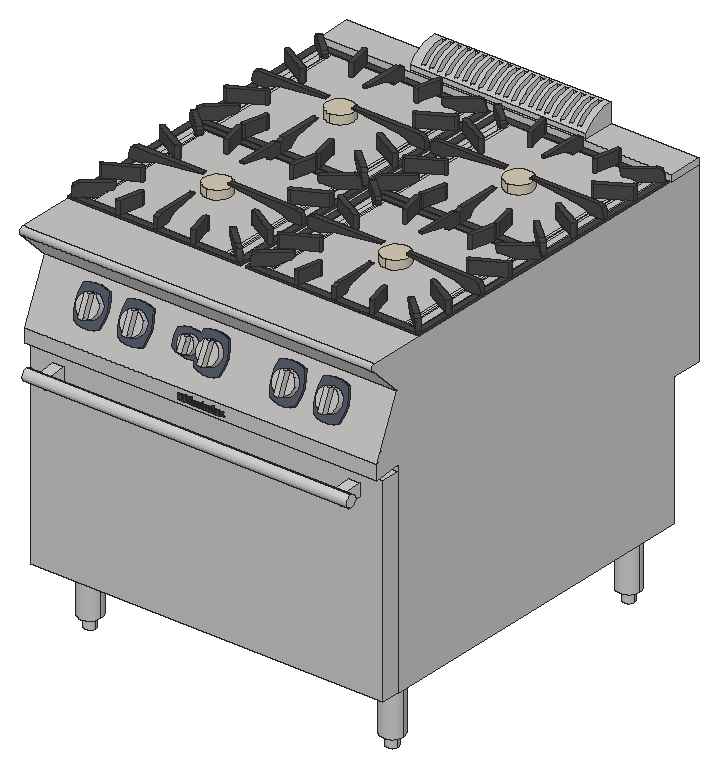
Revit family "QF_ELECTROLUXPROFESSIONAL_391522_E9AALABBMEE", category Attrezzature speciali, Revit 2018
Family settings
  Quota connettore circolare = Usa diametro
  Tipo di parte = Normale
  Basato su piano di lavoro = No
  Sempre verticale = Sì
  Taglio con vuoti quando caricato = No
  Condiviso = No
  Punto di calcolo locali = No
Parameters (values of type "Standard")
  Weight = 155.00 kg
  Watts = 0 W
  Volts = 0 V
  URL Manufacturer = "https://www.electroluxprofessional.com/"
  URL = "https://www.electroluxprofessional.com/"
  Steam Supply Size = 0"
  Steam Supply Minimum Pressure = 0.00 psi
  Steam Supply Maximum Pressure = 0.00 psi
  Steam Consumption per Hour = 0
  Show Logo [instance] = yes
  Show Clearance [instance] = yes
  Refrigeration Suction Line Size = 0 mm
  Refrigeration Liquid Line Size = 0 mm
  Refrigerant Compressor Remote = yes
  Phase = 0
  Modello = "E9AALABBMEE"
  Produttore = "Electrolux Professional"
  Length Actual = 800 mm  # constant formula
  Item Number = "391522"
  Hot Water Size = 0"
  Height Actual = 850 mm  # constant formula
  HP = "0 HP"
  Gas Size = 1/2"
  Gas KW = 48.5
  Gas Input Pressure = 1.6262 Btu/h
  Direct Waste Size = 0"
  Descrizione = "4-BURNER (10KW) GAS RANGE+OVEN 800MM - 3MM WORKTOP"
  Depth Actual = 930 mm  # constant formula
  Cycle = 0 Hz
  Condensate Return Size = 0"
  Compressed Air Volume = 0 GPM
  Compressed Air Size = 0"
  Compressed Air Pressure = 0.00 psi
  Cold Water Size = 0"
  Accessory = yes
Values of the unnamed type that differ from the named types
  Weight = 0.00 kg
  URL Manufacturer = ""
  Item Number = ""
  HP = ""
  Gas KW = 0
  Gas Input Pressure = 0.0 Btu/h
Reference planes
  plane 1 "BACK": y = 0
  plane 2: z = 0
  plane 3 "LEFT": x = 0
  plane 4 "RIGHT": x = 800.1
  plane 5 "FRONT": y = -930.275
  plane 6 "TOP": z = 908
  plane 7 "Center Y": x = 400.05
  plane 8 "Center X": y = -465.137
  plane 9: z = 149.225
  plane 10: z = 1397
  plane 11: y = -80.962
  plane 12: y = -914.4
  plane 13: z = 850
  plane 14: x = 56
  plane 15: y = -128
  plane 16: y = -801.687
  plane 17: y = -665.163
  plane 18: x = 744.1
Forms (mm)
  Extrusion 1, solid, material "QF_Finishes_Stainless Steel"
    sketch origin (0, 0, 0) x (0, 1, 0) y (0, 0, 1)
      loop
        line (0, 449.262) -> (0, 850) -> (-922.302, 850)
        arc (-922.302, 850) -> (-930.275, 844.673) -> (-928.404, 835.268) r 8.63
        line (-928.404, 835.268) -> (-859.069, 765.933) -> (-916.765, 640.576) -> (-916.765, 609.279) -> (-856.641, 613.975)
        arc (-856.641, 613.975) -> (-854.117, 613.227) -> (-853.025, 610.831) r 3.175
        line (-853.025, 610.831) -> (-853.025, 149.225) -> (-71.438, 149.225) -> (-71.437, 449.263) -> (0, 449.262)
    from 0 to 800.1
  Revolve 2, solid, material "QF_Finishes_Stainless Steel"
    sketch origin (0, -801.687, 611.731) x (0, 0, -1) y (1, 0, 0)
      loop
        line (462.506, 56) -> (462.506, 30.6) -> (586.331, 30.6) -> (586.331, 43.3) -> (611.731, 43.3) -> (611.731, 56) -> (462.506, 56)
      axis (611.731, 56) -> (462.506, 56)
    angle from 0 to 360
  Revolve 3, solid, material "QF_Finishes_Stainless Steel"
    sketch origin (799.662, -801.687, 611.731) x (0, 0, -1) y (1, 0, 0)
      loop
        line (462.506, -55.562) -> (611.731, -55.562) -> (611.731, -42.862) -> (586.331, -42.862) -> (586.331, -30.162) -> (462.506, -30.162) -> (462.506, -55.562)
      axis (611.731, -55.562) -> (462.506, -55.562)
    angle from 0 to 360
  Revolve 4, solid, material "QF_Finishes_Stainless Steel"
    sketch origin (799.662, -128.588, 611.731) x (0, 0, -1) y (1, 0, 0)
      loop
        line (462.506, -55.562) -> (611.731, -55.562) -> (611.731, -42.862) -> (586.331, -42.862) -> (586.331, -30.162) -> (462.506, -30.162) -> (462.506, -55.562)
      axis (611.731, -55.562) -> (462.506, -55.562)
    angle from 0 to 360
  Revolve 5, solid, material "QF_Finishes_Stainless Steel"
    sketch origin (111.125, -128.588, 611.731) x (0, 0, -1) y (1, 0, 0)
      loop
        line (462.506, -55.125) -> (611.731, -55.125) -> (611.731, -42.425) -> (586.331, -42.425) -> (586.331, -29.725) -> (462.506, -29.725) -> (462.506, -55.125)
      axis (611.731, -55.125) -> (462.506, -55.125)
    angle from 0 to 360
  Extrusion 6, solid, material "QF_Finishes_Stainless Steel"
    sketch origin (0, 0, 0) x (0, 1, 0) y (0, 0, 1)
      loop
        line (0, 850) -> (0, 864.288) -> (-76.2, 864.288) -> (-76.2, 850) -> (0, 850)
    from 0 to 800.1
  Extrusion 7, void
    sketch origin (-65.011, 0, 865.138) x (-1, 0, 0) y (0, -1, 0)
      loop
        line (-295.005, 6.761) -> (-285.709, 6.761) -> (-285.709, 63.911) -> (-295.005, 63.911) -> (-295.005, 6.761)
      loop
        line (-313.697, 6.761) -> (-304.401, 6.761) -> (-304.401, 63.911) -> (-313.697, 63.911) -> (-313.697, 6.761)
      loop
        line (-332.39, 6.761) -> (-323.094, 6.761) -> (-323.094, 63.911) -> (-332.39, 63.911) -> (-332.39, 6.761)
      loop
        line (-351.082, 6.761) -> (-341.787, 6.761) -> (-341.787, 63.911) -> (-351.082, 63.911) -> (-351.082, 6.761)
      loop
        line (-369.775, 6.761) -> (-360.479, 6.761) -> (-360.479, 63.911) -> (-369.775, 63.911) -> (-369.775, 6.761)
      loop
        line (-388.468, 6.761) -> (-379.172, 6.761) -> (-379.172, 63.911) -> (-388.468, 63.911) -> (-388.468, 6.761)
      loop
        line (-407.16, 6.761) -> (-397.864, 6.761) -> (-397.864, 63.911) -> (-407.16, 63.911) -> (-407.16, 6.761)
      loop
        line (-425.853, 6.761) -> (-416.557, 6.761) -> (-416.557, 63.911) -> (-425.853, 63.911) -> (-425.853, 6.761)
      loop
        line (-444.545, 6.761) -> (-435.25, 6.761) -> (-435.25, 63.911) -> (-444.545, 63.911) -> (-444.545, 6.761)
      loop
        line (-463.238, 6.761) -> (-453.942, 6.761) -> (-453.942, 63.911) -> (-463.238, 63.911) -> (-463.238, 6.761)
      loop
        line (-481.931, 6.761) -> (-472.635, 6.761) -> (-472.635, 63.911) -> (-481.931, 63.911) -> (-481.931, 6.761)
      loop
        line (-500.623, 6.761) -> (-491.328, 6.761) -> (-491.328, 63.911) -> (-500.623, 63.911) -> (-500.623, 6.761)
      loop
        line (-519.316, 6.761) -> (-510.02, 6.761) -> (-510.02, 63.911) -> (-519.316, 63.911) -> (-519.316, 6.761)
      loop
        line (-538.008, 6.761) -> (-528.713, 6.761) -> (-528.713, 63.911) -> (-538.008, 63.911) -> (-538.008, 6.761)
      loop
        line (-556.701, 6.761) -> (-547.405, 6.761) -> (-547.405, 63.911) -> (-556.701, 63.911) -> (-556.701, 6.761)
      loop
        line (-575.394, 6.761) -> (-566.098, 6.761) -> (-566.098, 63.911) -> (-575.394, 63.911) -> (-575.394, 6.761)
      loop
        line (-594.086, 6.761) -> (-584.791, 6.761) -> (-584.791, 63.911) -> (-594.086, 63.911) -> (-594.086, 6.761)
      loop
        line (-612.779, 6.761) -> (-603.483, 6.761) -> (-603.483, 63.911) -> (-612.779, 63.911) -> (-612.779, 6.761)
      loop
        line (-631.472, 6.761) -> (-622.176, 6.761) -> (-622.176, 63.911) -> (-631.472, 63.911) -> (-631.472, 6.761)
      loop
        line (-650.164, 6.761) -> (-640.868, 6.761) -> (-640.868, 63.911) -> (-650.164, 63.911) -> (-650.164, 6.761)
    from 9.525 to 45.348
  Extrusion 8, solid, material "QF_Finishes_Stainless Steel"
    sketch origin (400.05, 175.397, 1219.2) x (0, 1, 0) y (0, 0, 1)
      loop
        line (-175.397, -354.912) -> (-175.397, -311.2)
        arc (-175.397, -311.2) -> (-214.469, -319.821) -> (-245.247, -345.387) r 84.854
        line (-245.247, -345.387) -> (-245.247, -354.912) -> (-175.397, -354.912)
    from -200.05 to 199.95
  Extrusion 9, solid, material "QF_Finishes_Navy Blue"
    sketch origin (0, -890.928, 697.612) x (0, -0.418102, -0.9084) y (1, 0, 0)
      loop
        arc (-53.776, 198.651) -> (-18.194, 191.027) -> (17.514, 198.034) r 90.5
        arc (17.514, 198.034) -> (24.34, 227.222) -> (17.514, 256.409) r 65.817
        arc (17.514, 256.409) -> (-18.193, 263.369) -> (-53.776, 255.797) r 91.066
        arc (-53.776, 255.797) -> (-60.332, 227.224) -> (-53.776, 198.651) r 65.546
      loop
        arc (-53.776, 98.651) -> (-18.194, 91.027) -> (17.514, 98.034) r 90.5
        arc (17.514, 98.034) -> (24.34, 127.222) -> (17.514, 156.409) r 65.817
        arc (17.514, 156.409) -> (-18.193, 163.369) -> (-53.776, 155.797) r 91.066
        arc (-53.776, 155.797) -> (-60.332, 127.224) -> (-53.776, 98.651) r 65.546
      loop
        arc (-53.776, 601.786) -> (-60.332, 573.214) -> (-53.776, 544.641) r 65.546
        arc (-53.776, 544.641) -> (-18.193, 537.068) -> (17.514, 544.028) r 91.066
        arc (17.514, 544.028) -> (24.34, 573.216) -> (17.514, 602.404) r 65.817
        arc (17.514, 602.404) -> (-18.194, 609.411) -> (-53.776, 601.786) r 90.5
      loop
        arc (-53.776, 701.786) -> (-60.332, 673.214) -> (-53.776, 644.641) r 65.546
        arc (-53.776, 644.641) -> (-18.193, 637.068) -> (17.514, 644.028) r 91.066
        arc (17.514, 644.028) -> (24.34, 673.216) -> (17.514, 702.404) r 65.817
        arc (17.514, 702.404) -> (-18.194, 709.411) -> (-53.776, 701.786) r 90.5
      loop
        arc (-40.159, 316.707) -> (-21.848, 313.911) -> (-3.351, 314.901) r 90.5
        arc (-3.351, 314.901) -> (6.915, 339.94) -> (6.238, 366.994) r 65.817
        arc (6.238, 366.994) -> (11.94, 368.741) -> (17.514, 370.86) r 90.5
        arc (17.514, 370.86) -> (24.34, 400.048) -> (17.514, 429.235) r 65.817
        arc (17.514, 429.235) -> (-18.193, 436.195) -> (-53.776, 428.623) r 91.066
        arc (-53.776, 428.623) -> (-60.332, 400.05) -> (-53.776, 371.477) r 65.546
        arc (-53.776, 371.477) -> (-49.379, 369.684) -> (-44.894, 368.124) r 90.5
        arc (-44.894, 368.124) -> (-47.802, 341.929) -> (-40.159, 316.707) r 65.546
    from 0 to 3.175
  Extrusion 10, solid, material "QF_Finishes_Stainless Steel"
    sketch origin (0, -893.812, 698.94) x (0, -0.418102, -0.9084) y (1, 0, 0)
      loop
        circle (-18.131, 227.457) r 25.4
      loop
        circle (-18.131, 127.457) r 25.4
      loop
        circle (-18.131, 572.543) r 25.4
      loop
        circle (-18.131, 672.543) r 25.4
      loop
        circle (-18.131, 349.957) r 19.05
      loop
        circle (-18.131, 400.05) r 25.4
    from 0 to 12.7
  Extrusion 11, solid, material "QF_Finishes_Stainless Steel"
    sketch origin (0, -905.349, 704.25) x (0, -0.418102, -0.9084) y (1, 0, 0)
      loop
        arc (-42.863, 233.243) -> (-43.531, 227.457) -> (-42.863, 221.671) r 25.4
        line (-42.863, 221.671) -> (6.601, 221.671)
        arc (6.601, 221.671) -> (7.269, 227.457) -> (6.601, 233.243) r 25.4
        line (6.601, 233.243) -> (-42.863, 233.243)
      loop
        arc (-42.863, 133.243) -> (-43.531, 127.457) -> (-42.863, 121.671) r 25.4
        line (-42.863, 121.671) -> (6.601, 121.671)
        arc (6.601, 121.671) -> (7.269, 127.457) -> (6.601, 133.243) r 25.4
        line (6.601, 133.243) -> (-42.863, 133.243)
      loop
        arc (-34.426, 356.459) -> (-35.24, 350.69) -> (-34.719, 344.887) r 25.4
        line (-34.719, 344.887) -> (-2.956, 344.887)
        arc (-2.956, 344.887) -> (-2.067, 350.647) -> (-2.515, 356.459) r 25.4
        line (-2.515, 356.459) -> (-34.426, 356.459)
      loop
        arc (-42.863, 579.675) -> (-43.531, 573.889) -> (-42.863, 568.102) r 25.4
        line (-42.863, 568.102) -> (6.601, 568.102)
        arc (6.601, 568.102) -> (7.269, 573.889) -> (6.601, 579.675) r 25.4
        line (6.601, 579.675) -> (-42.863, 579.675)
      loop
        arc (-42.863, 679.675) -> (-43.531, 673.889) -> (-42.863, 668.102) r 25.4
        line (-42.863, 668.102) -> (6.601, 668.102)
        arc (6.601, 668.102) -> (7.269, 673.889) -> (6.601, 679.675) r 25.4
        line (6.601, 679.675) -> (-42.863, 679.675)
      loop
        arc (-42.863, 405.836) -> (-43.531, 400.05) -> (-42.863, 394.264) r 25.4
        line (-42.863, 394.264) -> (6.601, 394.264)
        arc (6.601, 394.264) -> (7.269, 400.05) -> (6.601, 405.836) r 25.4
        line (6.601, 405.836) -> (-42.863, 405.836)
    from 0 to 12.7
  Extrusion 12, solid, material "QF_Finishes_Navy Blue", visible <- "Show Logo"
    sketch origin (0, -916.765, 609.279) x (0, 0, 1) y (-1, 0, 0)
      loop
        line (21.268, -357.807) -> (8.901, -357.807)
        arc (8.901, -357.807) -> (15.085, -362.379) -> (21.268, -357.807) r 6.467
      loop
        arc (21.268, -357.178) -> (20.099, -352.035) -> (15.443, -349.557) r 6.338
        line (15.443, -349.557) -> (15.443, -351.603)
        arc (15.443, -351.603) -> (16.927, -355.258) -> (20.372, -357.178) r 5.941
        line (20.372, -357.178) -> (21.268, -357.178)
      loop
        arc (9.797, -357.178) -> (13.242, -355.258) -> (14.726, -351.603) r 5.941
        line (14.726, -351.603) -> (14.726, -349.557)
        arc (14.726, -349.557) -> (10.032, -352.031) -> (8.742, -357.178) r 6.504
        line (8.742, -357.178) -> (9.797, -357.178)
      loop
        line (21.943, -349.088) -> (8.198, -349.088) -> (8.198, -362.851) -> (21.943, -362.851) -> (21.943, -349.088)
      loop
        arc (22.026, -365.819) -> (21.679, -365.461) -> (21.312, -365.799) r 0.358
        arc (21.312, -365.799) -> (20.997, -366.549) -> (20.281, -366.934) r 1.216
        line (20.281, -366.934) -> (9.868, -366.934)
        arc (9.868, -366.934) -> (9.208, -366.657) -> (8.812, -366.06) r 1.238
        arc (8.812, -366.06) -> (8.417, -365.809) -> (8.112, -366.163) r 0.358
        line (8.112, -366.163) -> (8.112, -376.042) -> (10.863, -376.042) -> (10.863, -375.145)
        arc (10.863, -375.145) -> (9.954, -374.565) -> (9.498, -373.588) r 1.928
        line (9.498, -373.588) -> (9.498, -371.089)
        arc (9.498, -371.089) -> (9.774, -370.36) -> (10.462, -369.996) r 1.101
        line (10.462, -369.996) -> (14.549, -369.996) -> (14.549, -373.67)
        arc (14.549, -373.67) -> (14.196, -374.167) -> (13.631, -374.395) r 1.083
        arc (13.631, -374.395) -> (13.367, -374.7) -> (13.659, -374.978) r 0.292
        line (13.659, -374.978) -> (16.621, -374.978)
        arc (16.621, -374.978) -> (16.924, -374.705) -> (16.686, -374.375) r 0.305
        arc (16.686, -374.375) -> (16.195, -374.127) -> (15.89, -373.67) r 1.083
        line (15.89, -373.67) -> (15.89, -369.996) -> (20.567, -369.996) -> (20.567, -373.744)
        arc (20.567, -373.744) -> (20.353, -374.499) -> (19.747, -374.997) r 1.314
        arc (19.747, -374.997) -> (19.527, -375.401) -> (19.882, -375.694) r 0.361
        line (19.882, -375.694) -> (22.026, -375.694) -> (22.026, -365.819)
      loop
        arc (21.309, -376.474) -> (20.928, -377.393) -> (20.01, -377.773) r 1.299
        line (20.01, -377.773) -> (10.431, -377.773)
        arc (10.431, -377.773) -> (9.593, -377.395) -> (9.321, -376.517) r 1.118
        line (9.321, -376.517) -> (8.112, -376.517) -> (8.112, -381.867) -> (9.3, -381.867)
        arc (9.3, -381.867) -> (9.572, -380.95) -> (10.442, -380.554) r 1.153
        line (10.442, -380.554) -> (22.514, -380.554) -> (21.309, -376.474)
      loop
        line (13.077, -384.503) -> (13.077, -390.951) -> (13.876, -390.951)
        arc (13.876, -390.951) -> (16.456, -389.966) -> (17.725, -387.513) r 3.874
        line (17.725, -387.513) -> (17.725, -385.752)
        arc (17.725, -385.752) -> (16.538, -382.887) -> (13.674, -381.701) r 4.051
        line (13.674, -381.701) -> (11.666, -381.701)
        arc (11.666, -381.701) -> (8.847, -383.186) -> (7.795, -386.193) r 4.352
        arc (7.795, -386.193) -> (8.16, -388.656) -> (9.537, -390.73) r 5.713
        line (9.537, -390.73) -> (10.486, -390.73)
        arc (10.486, -390.73) -> (9.754, -389.161) -> (9.537, -387.443) r 5.579
        arc (9.537, -387.443) -> (10.331, -385.48) -> (12.21, -384.503) r 3.057
        line (12.21, -384.503) -> (13.077, -384.503)
      loop
        line (14.336, -384.503) -> (14.336, -388.085)
        arc (14.336, -388.085) -> (15.793, -388.133) -> (16.676, -386.973) r 1.59
        line (16.676, -386.973) -> (16.676, -386.143)
        arc (16.676, -386.143) -> (15.811, -384.888) -> (14.336, -384.503) r 2.184
      loop
        arc (17.127, -400.368) -> (17.616, -398.694) -> (17.773, -396.957) r 9.023
        line (17.773, -396.957) -> (17.773, -395.595)
        arc (17.773, -395.595) -> (16.614, -392.795) -> (13.814, -391.636) r 3.959
        line (13.814, -391.636) -> (11.214, -391.636)
        arc (11.214, -391.636) -> (8.932, -392.928) -> (7.815, -395.301) r 4.331
        line (7.815, -395.301) -> (7.815, -397.436)
        arc (7.815, -397.436) -> (8.323, -398.986) -> (9.245, -400.332) r 5.772
        arc (9.245, -400.332) -> (10.006, -400.383) -> (10.093, -399.624) r 0.553
        arc (10.093, -399.624) -> (9.705, -398.89) -> (9.571, -398.071) r 2.573
        line (9.571, -398.071) -> (9.571, -396.556)
        arc (9.571, -396.556) -> (10.577, -394.915) -> (12.392, -394.272) r 2.884
        line (12.392, -394.272) -> (13.67, -394.272)
        arc (13.67, -394.272) -> (15.492, -394.832) -> (16.418, -396.497) r 2.554
        line (16.418, -396.497) -> (16.418, -397.55)
        arc (16.418, -397.55) -> (16.087, -398.478) -> (15.43, -399.213) r 2.564
        arc (15.43, -399.213) -> (15.208, -399.93) -> (15.817, -400.368) r 0.643
        line (15.817, -400.368) -> (17.127, -400.368)
      loop
        line (16.109, -400.638) -> (16.109, -402.139) -> (10.061, -402.139)
        arc (10.061, -402.139) -> (8.473, -402.797) -> (7.815, -404.385) r 2.246
        line (7.815, -404.385) -> (7.815, -405.969)
        arc (7.815, -405.969) -> (8.129, -406.834) -> (8.629, -407.605) r 4.06
        arc (8.629, -407.605) -> (9.362, -407.738) -> (9.613, -407.037) r 0.576
        arc (9.613, -407.037) -> (9.507, -406.512) -> (9.571, -405.979) r 1.69
        arc (9.571, -405.979) -> (10.113, -405.191) -> (11.019, -404.888) r 1.506
        line (11.019, -404.888) -> (16.157, -404.888) -> (16.157, -407.285) -> (16.713, -407.842) -> (17.535, -407.842) -> (17.535, -404.982) -> (20.766, -404.982) -> (16.109, -400.638)
      loop
        line (8.032, -408.739) -> (8.032, -414.126) -> (9.142, -414.126)
        arc (9.142, -414.126) -> (9.536, -413.175) -> (10.487, -412.781) r 1.345
        line (10.487, -412.781) -> (14.103, -412.781)
        arc (14.103, -412.781) -> (14.868, -413.373) -> (15.157, -414.295) r 1.615
        line (15.157, -414.295) -> (15.157, -415.851) -> (17.713, -416.536) -> (17.713, -415.153) -> (15.771, -412.594) -> (17.651, -412.594) -> (17.367, -409.888)
        arc (17.367, -409.888) -> (16.927, -409.358) -> (16.268, -409.559) r 0.621
        arc (16.268, -409.559) -> (15.868, -409.901) -> (15.374, -410.084) r 1.501
        line (15.374, -410.084) -> (10.487, -410.084)
        arc (10.487, -410.084) -> (9.536, -409.69) -> (9.142, -408.739) r 1.345
        line (9.142, -408.739) -> (8.032, -408.739)
      loop
        line (14.134, -416.073) -> (11.442, -416.073)
        arc (11.442, -416.073) -> (8.996, -417.381) -> (7.863, -419.912) r 4.288
        arc (7.863, -419.912) -> (7.799, -421.292) -> (7.863, -422.672) r 15.022
        arc (7.863, -422.672) -> (8.996, -425.203) -> (11.442, -426.51) r 4.288
        line (11.442, -426.51) -> (14.134, -426.51)
        arc (14.134, -426.51) -> (16.579, -425.203) -> (17.713, -422.672) r 4.288
        arc (17.713, -422.672) -> (17.777, -421.292) -> (17.713, -419.912) r 15.022
        arc (17.713, -419.912) -> (16.579, -417.381) -> (14.134, -416.073) r 4.288
      loop
        line (14.339, -419.187) -> (11.237, -419.187)
        arc (11.237, -419.187) -> (9.08, -421.344) -> (11.237, -423.501) r 2.157
        line (11.237, -423.501) -> (14.339, -423.501)
        arc (14.339, -423.501) -> (16.496, -421.344) -> (14.339, -419.187) r 2.157
      loop
        arc (21.32, -426.369) -> (20.949, -427.263) -> (20.055, -427.633) r 1.264
        line (20.055, -427.633) -> (10.191, -427.633)
        arc (10.191, -427.633) -> (9.321, -427.236) -> (9.049, -426.32) r 1.153
        line (9.049, -426.32) -> (8.112, -426.32) -> (8.112, -431.428) -> (9.04, -431.428)
        arc (9.04, -431.428) -> (9.399, -430.656) -> (10.191, -430.341) r 1.153
        line (10.191, -430.341) -> (22.514, -430.341) -> (21.32, -426.369)
      loop
        arc (16.44, -430.966) -> (16.241, -432.03) -> (15.272, -432.512) r 1.215
        line (15.272, -432.512) -> (10.252, -432.512)
        arc (10.252, -432.512) -> (8.637, -433.16) -> (7.916, -434.743) r 2.338
        line (7.916, -434.743) -> (7.916, -436.257)
        arc (7.916, -436.257) -> (8.091, -437.261) -> (8.593, -438.147) r 2.979
        line (8.593, -438.147) -> (8.112, -439.944) -> (8.112, -441.633) -> (17.537, -441.633) -> (17.243, -437.429) -> (16.457, -437.429)
        arc (16.457, -437.429) -> (16.101, -438.265) -> (15.349, -438.774) r 1.605
        line (15.349, -438.774) -> (10.246, -438.774)
        arc (10.246, -438.774) -> (9.826, -437.837) -> (9.753, -436.813) r 2.94
        arc (9.753, -436.813) -> (10.314, -435.712) -> (11.467, -435.269) r 1.724
        line (11.467, -435.269) -> (17.664, -435.269) -> (16.44, -430.966)
      loop
        line (17.468, -442.486) -> (15.796, -444.532) -> (12.622, -446.838) -> (9.166, -443.726)
        arc (9.166, -443.726) -> (8.928, -443.332) -> (8.951, -442.873) r 0.789
        line (8.951, -442.873) -> (8.112, -442.873) -> (8.112, -446.418) -> (8.938, -446.418)
        arc (8.938, -446.418) -> (9.28, -446.056) -> (9.77, -446.148) r 0.52
        line (9.77, -446.148) -> (11.57, -447.619) -> (9.452, -448.995)
        arc (9.452, -448.995) -> (9.051, -448.685) -> (8.964, -448.185) r 0.7
        line (8.964, -448.185) -> (8.112, -448.185) -> (8.112, -454.112) -> (8.998, -454.112)
        arc (8.998, -454.112) -> (9.065, -453.453) -> (9.46, -452.922) r 1.247
        line (9.46, -452.922) -> (13.66, -449.641) -> (16.107, -451.694) -> (17.468, -453.436) -> (17.468, -449.713) -> (15.983, -450.135) -> (14.462, -448.858) -> (16.162, -447.668) -> (17.468, -448.445) -> (17.468, -442.486)
    from 0 to 1.644
  Extrusion 13, solid, material "QF_Finishes_Stainless Steel"
    sketch origin (0, -853.025, 610.831) x (0, 0, -1) y (1, 0, 0)
      loop
        line (460.831, 0) -> (460.831, 800) -> (9.61, 800) -> (9.61, 0) -> (460.831, 0)
    from 3.175 to 46.663
  Extrusion 14, solid, material "QF_Finishes_Handrails and Railings"
    sketch origin (50.8, -1053.827, 150) x (0, 0, 1) y (0, 1, 0)
      loop
        circle (420.409, 103.146) r 12.7
    from 19.875 to -718.375
  Extrusion 15, solid, material "QF_Finishes_Handrails and Railings"
    sketch origin (800, -1053.827, 150) x (0, 0, 1) y (0, -1, 0)
      loop
        line (429.101, -153.025) -> (426.396, -114.347)
        arc (426.396, -114.347) -> (412.589, -113.153) -> (408.093, -100.044) r 12.7
        arc (408.093, -100.044) -> (407.276, -100.585) -> (406.501, -101.183) r 13.441
        arc (406.501, -101.183) -> (405.055, -102.989) -> (404.435, -105.216) r 5.77
        line (404.435, -105.216) -> (401.092, -153.025) -> (429.101, -153.025)
    from -50.7 to -76.1
  Extrusion 16, solid, material "QF_Finishes_Handrails and Railings"
    sketch origin (0.1, -1053.827, 150) x (0, 0, 1) y (0, 1, 0)
      loop
        line (429.101, 153.025) -> (401.092, 153.025) -> (404.435, 105.216)
        arc (404.435, 105.216) -> (405.055, 102.989) -> (406.501, 101.183) r 5.77
        arc (406.501, 101.183) -> (407.276, 100.585) -> (408.093, 100.044) r 13.441
        arc (408.093, 100.044) -> (412.589, 113.153) -> (426.396, 114.347) r 12.7
        line (426.396, 114.347) -> (429.101, 153.025)
    from -50.7 to -76.1
  Extrusion 17, solid, material "QF_Door-Drawer Clearances", visible <- "Show Clearance", detail levels coarse
    sketch origin (800, -853.025, 150) x (0, 0, 1) y (0, -1, 0)
      loop
        arc (451.218, 46.663) -> (319.059, 365.722) -> (0, 497.881) r 451.218
        line (0, 497.881) -> (0, 46.663) -> (451.218, 46.663)
    from 0 to -800
  Extrusion 18, solid, material "QF_Finishes_Stainless Steel"
    sketch origin (0, -853.025, 149.225) x (1, 0, 0) y (0, -1, 0)
      loop
        circle (749.3, -187.862) r 6.4
      loop
        circle (757.1, -277.025) r 6.4
    from 0 to 20.638
  Extrusion 19, solid, material "QF_Clearances", visible <- "Show Clearance", detail levels coarse
    sketch origin (0, 0, 0) x (1, 0, 0) y (0, 1, 0)
      loop
        line (-100.013, -930.275) -> (0, -930.275) -> (0, 0) -> (800.1, 0) -> (800.1, -930.275) -> (900.113, -930.275) -> (900.113, 100.013) -> (-100.013, 100.013) -> (-100.013, -930.275)
    from 0 to 908
Cuts and joins
  Extrusion 7 cuts Extrusion 8
Lines and regions (mm)
  symbolic lines, style "QF_Clearances", visible <- "Show Clearance", detail levels coarse
    curve 1: line (-100.013, -930.275, 0) -> (-100.012, 100.013, 0)
    curve 2: line (-100.013, 100.013, 0) -> (900.113, 100.013, 0)
    curve 3: line (900.113, 100.013, 0) -> (900.113, -929.879, 0)
  symbolic lines
    curve 4: line (0, 0, 0) -> (800.1, 0, 0)
    curve 5: line (800.1, 0, 0) -> (800.1, -930.275, 0)
    curve 6: line (0, -930.275, 0) -> (0, 0, 0)
    curve 7: line (0, -76.2, 0) -> (800.1, -76.2, 0)
    curve 8: line (0, -930.275, 0) -> (800.1, -930.275, 0)
    curve 12: line (769.175, -963.381, 0) -> (30.925, -963.381, 0)
    curve 13: line (30.925, -963.381, 0) -> (30.925, -937.981, 0)
    curve 14: line (769.175, -963.381, 0) -> (769.175, -937.981, 0)
    curve 15: line (769.175, -937.981, 0) -> (749.3, -937.981, 0)
    curve 16: line (749.3, -953.783, 0) -> (749.3, -930.275, 0)
    curve 17: line (723.9, -953.783, 0) -> (723.9, -930.275, 0)
    curve 18: line (723.9, -937.981, 0) -> (76.2, -937.981, 0)
    curve 19: line (30.925, -937.981, 0) -> (50.8, -937.981, 0)
    curve 20: line (50.8, -930.275, 0) -> (50.8, -953.783, 0)
    curve 21: line (50.8, -953.783, 0) -> (76.2, -953.783, 0)
    curve 22: line (76.2, -953.783, 0) -> (76.2, -930.275, 0)
    curve 23: line (749.3, -953.783, 0) -> (723.9, -953.783, 0)
    curve 24: line (200, -69.85, 0) -> (200, 0, 0)
    curve 25: line (200, -69.85, 0) -> (600, -69.85, 0)
    curve 26: line (600, -69.85, 0) -> (600, 0, 0)
    curve 27: line (585.153, -6.761, 0) -> (585.153, -63.911, 0)
    curve 28: line (585.153, -63.911, 0) -> (575.857, -63.911, 0)
    curve 29: line (575.857, -63.911, 0) -> (575.857, -6.761, 0)
    curve 30: line (575.857, -6.761, 0) -> (585.153, -6.761, 0)
    curve 31: line (566.461, -6.761, 0) -> (566.461, -63.911, 0)
    curve 32: line (566.461, -63.911, 0) -> (557.165, -63.911, 0)
    curve 33: line (557.165, -63.911, 0) -> (557.165, -6.761, 0)
    curve 34: line (557.165, -6.761, 0) -> (566.461, -6.761, 0)
    curve 35: line (547.768, -6.761, 0) -> (547.768, -63.911, 0)
    curve 36: line (547.768, -63.911, 0) -> (538.472, -63.911, 0)
    curve 37: line (538.472, -63.911, 0) -> (538.472, -6.761, 0)
    curve 38: line (538.472, -6.761, 0) -> (547.768, -6.761, 0)
    curve 39: line (529.075, -6.761, 0) -> (529.075, -63.911, 0)
    curve 40: line (529.075, -63.911, 0) -> (519.78, -63.911, 0)
    curve 41: line (519.78, -63.911, 0) -> (519.78, -6.761, 0)
    curve 42: line (519.78, -6.761, 0) -> (529.075, -6.761, 0)
    curve 43: line (510.383, -6.761, 0) -> (510.383, -63.911, 0)
    curve 44: line (510.383, -63.911, 0) -> (501.087, -63.911, 0)
    curve 45: line (501.087, -63.911, 0) -> (501.087, -6.761, 0)
    curve 46: line (501.087, -6.761, 0) -> (510.383, -6.761, 0)
    curve 47: line (491.69, -6.761, 0) -> (491.69, -63.911, 0)
    curve 48: line (491.69, -63.911, 0) -> (482.394, -63.911, 0)
    curve 49: line (482.394, -63.911, 0) -> (482.394, -6.761, 0)
    curve 50: line (482.394, -6.761, 0) -> (491.69, -6.761, 0)
    curve 51: line (472.998, -6.761, 0) -> (472.998, -63.911, 0)
    curve 52: line (472.998, -63.911, 0) -> (463.702, -63.911, 0)
    curve 53: line (463.702, -63.911, 0) -> (463.702, -6.761, 0)
    curve 54: line (463.702, -6.761, 0) -> (472.998, -6.761, 0)
    curve 55: line (454.305, -6.761, 0) -> (454.305, -63.911, 0)
    curve 56: line (454.305, -63.911, 0) -> (445.009, -63.911, 0)
    curve 57: line (445.009, -63.911, 0) -> (445.009, -6.761, 0)
    curve 58: line (445.009, -6.761, 0) -> (454.305, -6.761, 0)
    curve 59: line (435.612, -6.761, 0) -> (435.612, -63.911, 0)
    curve 60: line (435.612, -63.911, 0) -> (426.317, -63.911, 0)
    curve 61: line (426.317, -63.911, 0) -> (426.317, -6.761, 0)
    curve 62: line (426.317, -6.761, 0) -> (435.612, -6.761, 0)
    curve 63: line (416.92, -6.761, 0) -> (416.92, -63.911, 0)
    curve 64: line (416.92, -63.911, 0) -> (407.624, -63.911, 0)
    curve 65: line (407.624, -63.911, 0) -> (407.624, -6.761, 0)
    curve 66: line (407.624, -6.761, 0) -> (416.92, -6.761, 0)
    curve 67: line (398.227, -6.761, 0) -> (398.227, -63.911, 0)
    curve 68: line (398.227, -63.911, 0) -> (388.931, -63.911, 0)
    curve 69: line (388.931, -63.911, 0) -> (388.931, -6.761, 0)
    curve 70: line (388.931, -6.761, 0) -> (398.227, -6.761, 0)
    curve 71: line (379.534, -6.761, 0) -> (379.534, -63.911, 0)
    curve 72: line (379.534, -63.911, 0) -> (370.239, -63.911, 0)
    curve 73: line (370.239, -63.911, 0) -> (370.239, -6.761, 0)
    curve 74: line (370.239, -6.761, 0) -> (379.534, -6.761, 0)
    curve 75: line (360.842, -6.761, 0) -> (360.842, -63.911, 0)
    curve 76: line (360.842, -63.911, 0) -> (351.546, -63.911, 0)
    curve 77: line (351.546, -63.911, 0) -> (351.546, -6.761, 0)
    curve 78: line (351.546, -6.761, 0) -> (360.842, -6.761, 0)
    curve 79: line (342.149, -6.761, 0) -> (342.149, -63.911, 0)
    curve 80: line (342.149, -63.911, 0) -> (332.854, -63.911, 0)
    curve 81: line (332.854, -63.911, 0) -> (332.854, -6.761, 0)
    curve 82: line (332.854, -6.761, 0) -> (342.149, -6.761, 0)
    curve 83: line (323.457, -6.761, 0) -> (323.457, -63.911, 0)
    curve 84: line (323.457, -63.911, 0) -> (314.161, -63.911, 0)
    curve 85: line (314.161, -63.911, 0) -> (314.161, -6.761, 0)
    curve 86: line (314.161, -6.761, 0) -> (323.457, -6.761, 0)
    curve 87: line (304.764, -6.761, 0) -> (304.764, -63.911, 0)
    curve 88: line (304.764, -63.911, 0) -> (295.468, -63.911, 0)
    curve 89: line (295.468, -63.911, 0) -> (295.468, -6.761, 0)
    curve 90: line (295.468, -6.761, 0) -> (304.764, -6.761, 0)
    curve 91: line (286.071, -6.761, 0) -> (286.071, -63.911, 0)
    curve 92: line (286.071, -63.911, 0) -> (276.776, -63.911, 0)
    curve 93: line (276.776, -63.911, 0) -> (276.776, -6.761, 0)
    curve 94: line (276.776, -6.761, 0) -> (286.071, -6.761, 0)
    curve 95: line (267.379, -6.761, 0) -> (267.379, -63.911, 0)
    curve 96: line (267.379, -63.911, 0) -> (258.083, -63.911, 0)
    curve 97: line (258.083, -63.911, 0) -> (258.083, -6.761, 0)
    curve 98: line (258.083, -6.761, 0) -> (267.379, -6.761, 0)
    curve 99: line (248.686, -6.761, 0) -> (248.686, -63.911, 0)
    curve 100: line (248.686, -63.911, 0) -> (239.39, -63.911, 0)
    curve 101: line (239.39, -63.911, 0) -> (239.39, -6.761, 0)
    curve 102: line (239.39, -6.761, 0) -> (248.686, -6.761, 0)
    curve 103: line (229.994, -6.761, 0) -> (229.994, -63.911, 0)
    curve 104: line (229.994, -63.911, 0) -> (220.698, -63.911, 0)
    curve 105: line (220.698, -63.911, 0) -> (220.698, -6.761, 0)
    curve 106: line (220.698, -6.761, 0) -> (229.994, -6.761, 0)
  symbolic lines, style "QF_Door-Drawer Clearances"
    curve 9: line (0, -1350.905, 0) -> (800, -1350.905, 0)
    curve 10: line (800, -1350.905, 0) -> (800, -930.905, 0)
    curve 11: line (0, -1350.905, 0) -> (0, -930.275, 0)
Dimensions and locks
  equal spacing: plane 3 "LEFT", plane 7 "Center Y", plane 4 "RIGHT"
  plane 3 "LEFT" to plane 4 "RIGHT" = 800.1 mm
  equal spacing: plane 5 "FRONT", plane 8 "Center X", plane 1 "BACK"
  plane 5 "FRONT" to plane 1 "BACK" = 930.275 mm  (x2)
  plane 6 "TOP" to plane 2 = 908 mm
  plane 9 to plane 2 = 149.225 mm  (x2)
  plane 10 to plane 6 "TOP" = 489 mm
  plane 10 to plane 2 = 1397 mm
  plane 10 to plane 9 = 1247.775 mm
  plane 6 "TOP" to plane 13 = 58 mm
  plane 13 to plane 2 = 850 mm  (x2)
  plane 3 "LEFT" to plane 14 = 56 mm
  plane 15 to plane 1 "BACK" = 128 mm
  plane 16 to plane 15 = 673.688 mm
  Extrusion 1 sketch curve to plane 1 "BACK" = 71.438 mm
  Extrusion 1 sketch curve to plane 9 = 300.038 mm
  Extrusion 18 sketch curve to plane 4 "RIGHT" = 50.8 mm
  Extrusion 18 sketch curve to plane 1 "BACK" = 665.163 mm
  Extrusion 18 to plane 2 = 128.588 mm
  Extrusion 1 to plane 1 "BACK" = 71.438 mm
  Extrusion 17 to plane 16 = 98 mm
  plane 17 to plane 1 "BACK" = 665.163 mm
  Extrusion 17 to plane 1 "BACK" = 899.687 mm
  Extrusion 18 sketch curve to plane 1 "BACK" = 576 mm
  Extrusion 18 sketch curve to plane 4 "RIGHT" = 43 mm
  plane 14 to plane 18 to plane 4 "RIGHT" = 688.1 mm, 56 mm
  aligned and locked: level to plane 2
  aligned and locked: Extrusion 1 to plane 4 "RIGHT"
  aligned and locked: plane 16 to Revolve 2
  aligned and locked: Extrusion 6 to plane 4 "RIGHT"
  aligned and locked: Extrusion 17 to Extrusion 13
  aligned and locked: plane 6 "TOP" to Extrusion 19
Automatic sketch dimensions
  Extrusion 1 sketch curve to plane 13 = 0 mm
  Extrusion 1 sketch curve to plane 9 = 0 mm
  Extrusion 1 sketch curve to plane 1 "BACK" = 0 mm
  plane 16 to Extrusion 1 sketch curve = 51.337 mm
  Extrusion 1 sketch curve to Extrusion 1 sketch curve = 3.175 mm
  Extrusion 1 sketch curve to Extrusion 1 sketch curve = 0.442 mm
  Extrusion 1 sketch curve to plane 12 = 55.331 mm
  plane 12 to Extrusion 1 sketch curve = 2.365 mm
  plane 12 to Extrusion 1 sketch curve = 7.902 mm
  Extrusion 1 sketch curve to plane 5 "FRONT" = 1.871 mm
  Extrusion 1 sketch curve to plane 13 = 240.721 mm
  Extrusion 1 sketch curve to Extrusion 1 sketch curve = 1.552 mm
  Extrusion 1 sketch curve to Extrusion 1 sketch curve = 31.298 mm
  Extrusion 1 sketch curve to plane 13 = 84.067 mm
  Extrusion 1 sketch curve to plane 13 = 14.732 mm
  plane 14 to Revolve 2 sketch curve = 0 mm  (x2)
  Revolve 2 sketch curve to plane 9 = 0 mm
  Revolve 2 sketch curve to level = 0 mm
  Revolve 2 sketch curve to Revolve 2 sketch curve = 32.525 mm
  Revolve 2 sketch curve to Revolve 2 sketch curve = 50.8 mm
  level to Revolve 2 sketch curve = 25.4 mm
  Revolve 2 sketch curve to Revolve 2 sketch curve = 12.7 mm  (x2)
  Revolve 3 sketch curve to plane 9 = 0 mm
  Revolve 3 sketch curve to level = 0 mm
  Revolve 3 sketch curve to Revolve 3 sketch curve = 32.525 mm
  Revolve 3 sketch curve to Revolve 3 sketch curve = 50.8 mm
  level to Revolve 3 sketch curve = 25.4 mm
  Revolve 3 sketch curve to Revolve 3 sketch curve = 12.7 mm
  Revolve 3 sketch curve to Revolve 3 sketch curve = 25.4 mm
  Revolve 4 sketch curve to plane 9 = 0 mm
  Revolve 4 sketch curve to level = 0 mm
  Revolve 4 sketch curve to Revolve 4 sketch curve = 32.525 mm
  Revolve 4 sketch curve to Revolve 4 sketch curve = 50.8 mm
  level to Revolve 4 sketch curve = 25.4 mm
  Revolve 4 sketch curve to Revolve 4 sketch curve = 12.7 mm
  Revolve 4 sketch curve to Revolve 4 sketch curve = 25.4 mm
  plane 14 to Revolve 5 sketch curve = 0 mm  (x2)
  Revolve 5 sketch curve to plane 9 = 0 mm
  Revolve 5 sketch curve to level = 0 mm
  Revolve 5 sketch curve to Revolve 5 sketch curve = 32.525 mm
  Revolve 5 sketch curve to Revolve 5 sketch curve = 50.8 mm
  level to Revolve 5 sketch curve = 25.4 mm
  Revolve 5 sketch curve to plane 14 = 12.7 mm
  Revolve 5 sketch curve to plane 14 = 25.4 mm
  Extrusion 6 sketch curve to plane 13 = 0 mm
  Extrusion 6 sketch curve to plane 1 "BACK" = 0 mm
  plane 11 to Extrusion 6 sketch curve = 4.763 mm
  plane 13 to Extrusion 6 sketch curve = 14.288 mm
  plane 11 to Extrusion 7 sketch curve = 17.052 mm  (x19)
  Extrusion 7 sketch curve to Extrusion 7 sketch curve = 9.296 mm  (x20)
  Extrusion 7 sketch curve to Extrusion 7 sketch curve = 9.397 mm  (x18)
  plane 7 "Center Y" to Extrusion 7 sketch curve = 7.574 mm
  Extrusion 7 sketch curve to plane 7 "Center Y" = 1.823 mm
  Extrusion 7 sketch curve to Extrusion 7 sketch curve = 0 mm
  plane 1 "BACK" to Extrusion 7 sketch curve = 6.761 mm  (x20)
  Extrusion 8 sketch curve to plane 1 "BACK" = 0 mm
  plane 1 "BACK" to Extrusion 8 sketch curve = 1.769 mm
  plane 11 to Extrusion 8 sketch curve = 11.113 mm
  Extrusion 8 sketch curve to plane 13 = 26.835 mm
  plane 13 to Extrusion 8 sketch curve = 14.288 mm
  Extrusion 8 sketch curve to Extrusion 8 sketch curve = 9.525 mm
  Extrusion 9 sketch curve to Extrusion 9 sketch curve = 0 mm  (x13)
  Extrusion 9 sketch curve to plane 7 "Center Y" = 0 mm
  Extrusion 9 sketch curve to plane 7 "Center Y" = 48.195 mm
  Extrusion 9 sketch curve to Extrusion 9 sketch curve = 4.038 mm  (x2)
  plane 7 "Center Y" to Extrusion 9 sketch curve = 28.573 mm
  Extrusion 9 sketch curve to plane 14 = 42.651 mm
  Extrusion 9 sketch curve to Extrusion 9 sketch curve = 8.882 mm
  Extrusion 9 sketch curve to Extrusion 9 sketch curve = 12.3 mm  (x14)
  Extrusion 9 sketch curve to plane 7 "Center Y" = 0.002 mm
  Extrusion 9 sketch curve to Extrusion 9 sketch curve = 17.655 mm
  Extrusion 9 sketch curve to Extrusion 9 sketch curve = 36.365 mm  (x6)
  Extrusion 9 sketch curve to plane 14 = 16.307 mm
  Extrusion 9 sketch curve to Extrusion 9 sketch curve = 22.748 mm
  Extrusion 9 sketch curve to Extrusion 9 sketch curve = 27.483 mm
  plane 7 "Center Y" to Extrusion 9 sketch curve = 4.252 mm
  Extrusion 9 sketch curve to Extrusion 9 sketch curve = 24.066 mm
  Extrusion 9 sketch curve to Extrusion 9 sketch curve = 14.06 mm
  Extrusion 9 sketch curve to Extrusion 9 sketch curve = 46.691 mm  (x4)
  Extrusion 9 sketch curve to Extrusion 9 sketch curve = 22.625 mm
  Extrusion 9 sketch curve to Extrusion 9 sketch curve = 23.649 mm
  Extrusion 9 sketch curve to Extrusion 9 sketch curve = 11.23 mm
  Extrusion 9 sketch curve to Extrusion 9 sketch curve = 11.276 mm
  plane 7 "Center Y" to Extrusion 9 sketch curve = 29.185 mm
  Extrusion 9 sketch curve to Extrusion 9 sketch curve = 25.727 mm  (x2)
  Extrusion 9 sketch curve to Extrusion 9 sketch curve = 28.57 mm  (x2)
  Extrusion 9 sketch curve to Extrusion 9 sketch curve = 9.217 mm  (x2)
  Extrusion 9 sketch curve to Extrusion 9 sketch curve = 16.51 mm  (x2)
  Extrusion 9 sketch curve to Extrusion 9 sketch curve = 17.128 mm
  Extrusion 9 sketch curve to Extrusion 9 sketch curve = 30.232 mm
  Extrusion 9 sketch curve to Extrusion 9 sketch curve = 64.564 mm
  Extrusion 9 sketch curve to Extrusion 9 sketch curve = 25.114 mm
  Extrusion 9 sketch curve to Extrusion 9 sketch curve = 29.185 mm  (x2)
  Extrusion 10 sketch curve to Extrusion 10 sketch curve = 0 mm  (x5)
  Extrusion 10 sketch curve to Extrusion 10 sketch curve = 100 mm  (x2)
  Extrusion 10 sketch curve to Extrusion 10 sketch curve = 122.5 mm
  Extrusion 10 sketch curve to Extrusion 10 sketch curve = 50.093 mm
  Extrusion 10 sketch curve to Extrusion 10 sketch curve = 172.493 mm
  Extrusion 11 sketch curve to Extrusion 11 sketch curve = 0 mm  (x10)
  Extrusion 11 sketch curve to Extrusion 11 sketch curve = 9.318 mm
  Extrusion 11 sketch curve to Extrusion 11 sketch curve = 6.977 mm
  Extrusion 11 sketch curve to Extrusion 11 sketch curve = 7.271 mm
  Extrusion 11 sketch curve to Extrusion 11 sketch curve = 24.732 mm  (x8)
  Extrusion 11 sketch curve to Extrusion 11 sketch curve = 17.6 mm
  Extrusion 11 sketch curve to Extrusion 11 sketch curve = 6.893 mm
  Extrusion 11 sketch curve to Extrusion 11 sketch curve = 7.334 mm
  Extrusion 11 sketch curve to Extrusion 11 sketch curve = 49.377 mm
  Extrusion 11 sketch curve to Extrusion 11 sketch curve = 5.159 mm
  Extrusion 11 sketch curve to Extrusion 11 sketch curve = 162.266 mm
  Extrusion 11 sketch curve to Extrusion 11 sketch curve = 5.786 mm  (x2)
  Extrusion 11 sketch curve to Extrusion 11 sketch curve = 88.428 mm
  Extrusion 12 sketch curve to Extrusion 1 = 2.755 mm
  Extrusion 12 sketch curve to Extrusion 1 = 7.795 mm
  Extrusion 12 sketch curve to Extrusion 1 = 7.815 mm  (x2)
  Extrusion 12 sketch curve to Extrusion 12 sketch curve = 5.108 mm  (x2)
  Extrusion 12 sketch curve to Extrusion 12 sketch curve = 0 mm  (x27)
  Extrusion 12 sketch curve to Extrusion 1 = 7.916 mm
  Extrusion 12 sketch curve to Extrusion 12 sketch curve = 0.218 mm
  Extrusion 12 sketch curve to Extrusion 12 sketch curve = 0.195 mm
  Extrusion 12 sketch curve to Extrusion 12 sketch curve = 0.249 mm
  Extrusion 12 sketch curve to Extrusion 1 = 8.112 mm
  Extrusion 12 sketch curve to Extrusion 12 sketch curve = 0.087 mm
  Extrusion 12 sketch curve to Extrusion 12 sketch curve = 0.358 mm
  Extrusion 12 sketch curve to Extrusion 12 sketch curve = 0.481 mm
  Extrusion 12 sketch curve to Extrusion 12 sketch curve = 0.597 mm
  Extrusion 12 sketch curve to Extrusion 12 sketch curve = 0.544 mm
  Extrusion 12 sketch curve to Extrusion 12 sketch curve = 0.936 mm
  Extrusion 12 sketch curve to Extrusion 12 sketch curve = 0.594 mm
  Extrusion 12 sketch curve to Extrusion 12 sketch curve = 0.343 mm
  Extrusion 12 sketch curve to Extrusion 12 sketch curve = 0.159 mm
  Extrusion 12 sketch curve to Extrusion 12 sketch curve = 0.826 mm
  Extrusion 12 sketch curve to Extrusion 12 sketch curve = 0.839 mm
  Extrusion 12 sketch curve to Extrusion 12 sketch curve = 0.852 mm
  Extrusion 12 sketch curve to Extrusion 12 sketch curve = 0.887 mm
  Extrusion 12 sketch curve to Extrusion 12 sketch curve = 0.928 mm
  Extrusion 12 sketch curve to Extrusion 12 sketch curve = 0.938 mm
  Extrusion 12 sketch curve to Extrusion 12 sketch curve = 0.444 mm
  Extrusion 12 sketch curve to Extrusion 12 sketch curve = 1.11 mm  (x3)
  Extrusion 12 sketch curve to Extrusion 12 sketch curve = 0.215 mm
  Extrusion 12 sketch curve to Extrusion 12 sketch curve = 1.43 mm
  Extrusion 12 sketch curve to Extrusion 12 sketch curve = 1.188 mm
  Extrusion 12 sketch curve to Extrusion 12 sketch curve = 1.21 mm  (x2)
  Extrusion 12 sketch curve to Extrusion 12 sketch curve = 0.503 mm
  Extrusion 12 sketch curve to Extrusion 12 sketch curve = 0.488 mm
  Extrusion 12 sketch curve to Extrusion 12 sketch curve = 0.462 mm
  Extrusion 12 sketch curve to Extrusion 12 sketch curve = 1.386 mm
  Extrusion 12 sketch curve to Extrusion 12 sketch curve = 1.742 mm  (x2)
  Extrusion 12 sketch curve to Extrusion 12 sketch curve = 0.821 mm
  Extrusion 12 sketch curve to Extrusion 12 sketch curve = 0.497 mm
  Extrusion 12 sketch curve to Extrusion 12 sketch curve = 0.539 mm
  Extrusion 12 sketch curve to Extrusion 12 sketch curve = 0.199 mm
  Extrusion 12 sketch curve to Extrusion 12 sketch curve = 0.408 mm
  Extrusion 12 sketch curve to Extrusion 12 sketch curve = 0.743 mm
  Extrusion 12 sketch curve to Extrusion 12 sketch curve = 1.16 mm
  Extrusion 12 sketch curve to Extrusion 12 sketch curve = 0.329 mm
  Extrusion 12 sketch curve to Extrusion 12 sketch curve = 1.054 mm
  Extrusion 12 sketch curve to Extrusion 12 sketch curve = 1.056 mm
  Extrusion 12 sketch curve to Extrusion 12 sketch curve = 0.129 mm
  Extrusion 12 sketch curve to Extrusion 12 sketch curve = 0.489 mm
  Extrusion 12 sketch curve to Extrusion 12 sketch curve = 0.441 mm
  Extrusion 12 sketch curve to Extrusion 12 sketch curve = 1.151 mm
  Extrusion 12 sketch curve to Extrusion 12 sketch curve = 1.141 mm  (x2)
  Extrusion 12 sketch curve to Extrusion 12 sketch curve = 0.768 mm
  Extrusion 12 sketch curve to Extrusion 12 sketch curve = 1.653 mm
  Extrusion 12 sketch curve to Extrusion 12 sketch curve = 0.499 mm
  Extrusion 12 sketch curve to Extrusion 12 sketch curve = 0.964 mm
  Extrusion 12 sketch curve to Extrusion 12 sketch curve = 0.949 mm
  Extrusion 12 sketch curve to Extrusion 12 sketch curve = 1.345 mm  (x3)
  Extrusion 12 sketch curve to Extrusion 12 sketch curve = 1.101 mm
  Extrusion 12 sketch curve to Extrusion 12 sketch curve = 0.432 mm
  Extrusion 12 sketch curve to Extrusion 12 sketch curve = 1.142 mm
  Extrusion 12 sketch curve to Extrusion 12 sketch curve = 0.959 mm
  Extrusion 12 sketch curve to Extrusion 12 sketch curve = 0.176 mm
  Extrusion 12 sketch curve to Extrusion 12 sketch curve = 0.728 mm
  Extrusion 12 sketch curve to Extrusion 12 sketch curve = 3.375 mm  (x2)
  Extrusion 12 sketch curve to Extrusion 12 sketch curve = 0.541 mm
  Extrusion 12 sketch curve to Extrusion 12 sketch curve = 0.955 mm
  Extrusion 12 sketch curve to Extrusion 12 sketch curve = 1.251 mm
  Extrusion 12 sketch curve to Extrusion 12 sketch curve = 0.572 mm
  Extrusion 12 sketch curve to Extrusion 12 sketch curve = 1.92 mm
  Extrusion 12 sketch curve to Extrusion 12 sketch curve = 1.224 mm
  Extrusion 12 sketch curve to Extrusion 12 sketch curve = 0.745 mm
  Extrusion 12 sketch curve to Extrusion 12 sketch curve = 2.537 mm
  Extrusion 12 sketch curve to Extrusion 12 sketch curve = 0.896 mm  (x3)
  Extrusion 12 sketch curve to Extrusion 12 sketch curve = 0.036 mm
  Extrusion 12 sketch curve to Extrusion 12 sketch curve = 2.607 mm
  Extrusion 12 sketch curve to Extrusion 12 sketch curve = 0.066 mm
  Extrusion 12 sketch curve to Extrusion 12 sketch curve = 0.248 mm
  Extrusion 12 sketch curve to Extrusion 12 sketch curve = 0.449 mm
  Extrusion 12 sketch curve to Extrusion 12 sketch curve = 1.052 mm
  Extrusion 12 sketch curve to Extrusion 12 sketch curve = 1.863 mm
  Extrusion 12 sketch curve to Extrusion 12 sketch curve = 1.31 mm  (x2)
  Extrusion 12 sketch curve to Extrusion 12 sketch curve = 0.901 mm
  Extrusion 12 sketch curve to Extrusion 12 sketch curve = 1.107 mm
  Extrusion 12 sketch curve to Extrusion 12 sketch curve = 2.122 mm
  Extrusion 12 sketch curve to Extrusion 12 sketch curve = 2.101 mm
  Extrusion 12 sketch curve to Extrusion 12 sketch curve = 0.106 mm
  Extrusion 12 sketch curve to Extrusion 12 sketch curve = 0.029 mm
  Extrusion 12 sketch curve to Extrusion 12 sketch curve = 2.09 mm
  Extrusion 12 sketch curve to Extrusion 12 sketch curve = 1.279 mm
  Extrusion 12 sketch curve to Extrusion 12 sketch curve = 2.008 mm
  Extrusion 12 sketch curve to Extrusion 12 sketch curve = 0.738 mm
  Extrusion 12 sketch curve to Extrusion 12 sketch curve = 0.382 mm
  Extrusion 12 sketch curve to Extrusion 12 sketch curve = 0.384 mm
  Extrusion 12 sketch curve to Extrusion 12 sketch curve = 0.002 mm
  Extrusion 12 sketch curve to Extrusion 12 sketch curve = 0.561 mm
  Extrusion 12 sketch curve to Extrusion 12 sketch curve = 0.592 mm
  Extrusion 12 sketch curve to Extrusion 12 sketch curve = 2.692 mm
  Extrusion 12 sketch curve to Extrusion 12 sketch curve = 1.259 mm
  Extrusion 12 sketch curve to Extrusion 12 sketch curve = 0.802 mm
  Extrusion 12 sketch curve to Extrusion 12 sketch curve = 1.024 mm  (x2)
  Extrusion 12 sketch curve to Extrusion 12 sketch curve = 0.682 mm
  Extrusion 12 sketch curve to Extrusion 12 sketch curve = 5.934 mm
  Extrusion 12 sketch curve to Extrusion 12 sketch curve = 2.186 mm
  Extrusion 12 sketch curve to Extrusion 12 sketch curve = 0.337 mm
  Extrusion 12 sketch curve to Extrusion 12 sketch curve = 0.021 mm
  Extrusion 12 sketch curve to Extrusion 12 sketch curve = 1.005 mm
  Extrusion 12 sketch curve to Extrusion 12 sketch curve = 0.552 mm
  Extrusion 12 sketch curve to Extrusion 12 sketch curve = 0.778 mm
  Extrusion 12 sketch curve to Extrusion 12 sketch curve = 0.063 mm
  Extrusion 12 sketch curve to Extrusion 12 sketch curve = 1.023 mm
  Extrusion 12 sketch curve to Extrusion 12 sketch curve = 3.804 mm
  Extrusion 12 sketch curve to Extrusion 12 sketch curve = 0.486 mm
  Extrusion 12 sketch curve to Extrusion 12 sketch curve = 0.266 mm
  Extrusion 12 sketch curve to Extrusion 12 sketch curve = 1.547 mm
  Extrusion 12 sketch curve to Extrusion 12 sketch curve = 0.717 mm  (x2)
  Extrusion 12 sketch curve to Extrusion 12 sketch curve = 1.667 mm
  Extrusion 12 sketch curve to Extrusion 12 sketch curve = 3.174 mm
  Extrusion 12 sketch curve to Extrusion 12 sketch curve = 0.388 mm
  Extrusion 12 sketch curve to Extrusion 12 sketch curve = 1.342 mm
  Extrusion 12 sketch curve to Extrusion 12 sketch curve = 1.521 mm
  Extrusion 12 sketch curve to Extrusion 12 sketch curve = 0.124 mm
  Extrusion 12 sketch curve to Extrusion 12 sketch curve = 0.291 mm
  Extrusion 12 sketch curve to Extrusion 12 sketch curve = 1.049 mm  (x2)
  Extrusion 12 sketch curve to Extrusion 12 sketch curve = 1.7 mm
  Extrusion 12 sketch curve to Extrusion 12 sketch curve = 0.894 mm
  Extrusion 12 sketch curve to Extrusion 12 sketch curve = 0.989 mm
  Extrusion 12 sketch curve to Extrusion 12 sketch curve = 1.168 mm
  Extrusion 12 sketch curve to Extrusion 12 sketch curve = 1.594 mm
  Extrusion 12 sketch curve to Extrusion 12 sketch curve = 0.731 mm
  Extrusion 12 sketch curve to Extrusion 12 sketch curve = 1.566 mm
  Extrusion 12 sketch curve to Extrusion 12 sketch curve = 0.064 mm
  Extrusion 12 sketch curve to Extrusion 12 sketch curve = 0.556 mm  (x2)
  Extrusion 12 sketch curve to Extrusion 12 sketch curve = 0.48 mm
  Extrusion 12 sketch curve to Extrusion 12 sketch curve = 1.018 mm
  Extrusion 12 sketch curve to Extrusion 12 sketch curve = 0.787 mm
  Extrusion 12 sketch curve to Extrusion 12 sketch curve = 0.618 mm
  Extrusion 12 sketch curve to Extrusion 12 sketch curve = 1.672 mm
  Extrusion 12 sketch curve to Extrusion 12 sketch curve = 1.361 mm
  Extrusion 12 sketch curve to Extrusion 12 sketch curve = 0.822 mm
  Extrusion 12 sketch curve to Extrusion 12 sketch curve = 0.069 mm
  Extrusion 12 sketch curve to Extrusion 12 sketch curve = 1.88 mm
  Extrusion 12 sketch curve to Extrusion 12 sketch curve = 0.42 mm
  Extrusion 12 sketch curve to Extrusion 12 sketch curve = 0.062 mm
  Extrusion 12 sketch curve to Extrusion 12 sketch curve = 1.355 mm
  Extrusion 12 sketch curve to Extrusion 12 sketch curve = 2.34 mm
  Extrusion 12 sketch curve to Extrusion 12 sketch curve = 0.493 mm
  Extrusion 12 sketch curve to Extrusion 12 sketch curve = 0.136 mm
  Extrusion 12 sketch curve to Extrusion 12 sketch curve = 0.128 mm
  Extrusion 12 sketch curve to Extrusion 12 sketch curve = 3.616 mm
  Extrusion 12 sketch curve to Extrusion 12 sketch curve = 4.207 mm
  Extrusion 12 sketch curve to Extrusion 12 sketch curve = 0.183 mm
  Extrusion 12 sketch curve to Extrusion 12 sketch curve = 0.895 mm
  Extrusion 12 sketch curve to Extrusion 12 sketch curve = 1.314 mm
  Extrusion 12 sketch curve to Extrusion 12 sketch curve = 3.231 mm
  Extrusion 12 sketch curve to Extrusion 12 sketch curve = 1.299 mm
  Extrusion 12 sketch curve to Extrusion 12 sketch curve = 1.214 mm
  Extrusion 12 sketch curve to Extrusion 12 sketch curve = 1.264 mm
  Extrusion 12 sketch curve to Extrusion 12 sketch curve = 0.109 mm
  Extrusion 12 sketch curve to Extrusion 12 sketch curve = 0.357 mm
  Extrusion 12 sketch curve to Extrusion 12 sketch curve = 0.565 mm
  Extrusion 12 sketch curve to Extrusion 12 sketch curve = 2.504 mm
  Extrusion 12 sketch curve to Extrusion 12 sketch curve = 2.459 mm
  Extrusion 1 to Extrusion 12 sketch curve = 345.988 mm
  Extrusion 12 sketch curve to Extrusion 12 sketch curve = 0.208 mm
  Extrusion 12 sketch curve to Extrusion 12 sketch curve = 0.468 mm  (x2)
  Extrusion 12 sketch curve to Extrusion 12 sketch curve = 1.559 mm
  Extrusion 12 sketch curve to Extrusion 12 sketch curve = 0.422 mm  (x2)
  Extrusion 12 sketch curve to Extrusion 12 sketch curve = 0.494 mm
  Extrusion 12 sketch curve to Extrusion 12 sketch curve = 3.927 mm
  Extrusion 12 sketch curve to Extrusion 12 sketch curve = 0.782 mm
  Extrusion 12 sketch curve to Extrusion 12 sketch curve = 1.268 mm
  Extrusion 12 sketch curve to Extrusion 12 sketch curve = 0.671 mm
  Extrusion 12 sketch curve to Extrusion 12 sketch curve = 0.777 mm
  Extrusion 12 sketch curve to Extrusion 12 sketch curve = 0.704 mm
  Extrusion 12 sketch curve to Extrusion 12 sketch curve = 0.781 mm  (x2)
  Extrusion 12 sketch curve to Extrusion 12 sketch curve = 1.634 mm
  Extrusion 12 sketch curve to Extrusion 12 sketch curve = 0.132 mm
  Extrusion 12 sketch curve to Extrusion 12 sketch curve = 3.136 mm
  Extrusion 12 sketch curve to Extrusion 12 sketch curve = 2.422 mm
  Extrusion 12 sketch curve to Extrusion 12 sketch curve = 0.586 mm
  Extrusion 12 sketch curve to Extrusion 12 sketch curve = 2.046 mm  (x2)
  Extrusion 12 sketch curve to Extrusion 12 sketch curve = 1.241 mm
  Extrusion 12 sketch curve to Extrusion 12 sketch curve = 1.689 mm
  Extrusion 12 sketch curve to Extrusion 12 sketch curve = 2.859 mm
  Extrusion 12 sketch curve to Extrusion 12 sketch curve = 0.627 mm
  Extrusion 12 sketch curve to Extrusion 12 sketch curve = 0.863 mm
  Extrusion 12 sketch curve to Extrusion 12 sketch curve = 0.419 mm
  Extrusion 12 sketch curve to Extrusion 12 sketch curve = 1.514 mm
  Extrusion 12 sketch curve to Extrusion 12 sketch curve = 1.019 mm
  Extrusion 12 sketch curve to Extrusion 12 sketch curve = 0.065 mm
  Extrusion 12 sketch curve to Extrusion 12 sketch curve = 1.215 mm
  Extrusion 12 sketch curve to Extrusion 12 sketch curve = 2.708 mm
  Extrusion 12 sketch curve to Extrusion 12 sketch curve = 1.122 mm
  Extrusion 12 sketch curve to Extrusion 12 sketch curve = 1.153 mm
  Extrusion 12 sketch curve to Extrusion 12 sketch curve = 3.009 mm
  Extrusion 12 sketch curve to Extrusion 12 sketch curve = 0.829 mm  (x2)
  Extrusion 12 sketch curve to Extrusion 12 sketch curve = 0.934 mm
  Extrusion 12 sketch curve to Extrusion 12 sketch curve = 3.376 mm
  Extrusion 12 sketch curve to Extrusion 12 sketch curve = 0.222 mm
  Extrusion 12 sketch curve to Extrusion 12 sketch curve = 1.383 mm
  Extrusion 12 sketch curve to Extrusion 12 sketch curve = 1.556 mm
  Extrusion 12 sketch curve to Extrusion 12 sketch curve = 2.559 mm
  Extrusion 12 sketch curve to Extrusion 12 sketch curve = 2.51 mm
  Extrusion 12 sketch curve to Extrusion 12 sketch curve = 0.131 mm
  Extrusion 12 sketch curve to Extrusion 12 sketch curve = 1.717 mm
  Extrusion 12 sketch curve to Extrusion 12 sketch curve = 1.134 mm
  Extrusion 12 sketch curve to Extrusion 12 sketch curve = 0.366 mm
  Extrusion 12 sketch curve to Extrusion 12 sketch curve = 0.094 mm
  Extrusion 12 sketch curve to Extrusion 12 sketch curve = 1.584 mm
  Extrusion 12 sketch curve to Extrusion 12 sketch curve = 1.501 mm
  Extrusion 12 sketch curve to Extrusion 12 sketch curve = 0.27 mm
  Extrusion 12 sketch curve to Extrusion 12 sketch curve = 1.808 mm
  Extrusion 12 sketch curve to Extrusion 12 sketch curve = 0.643 mm
  Extrusion 12 sketch curve to Extrusion 12 sketch curve = 0.916 mm
  Extrusion 12 sketch curve to Extrusion 12 sketch curve = 0.352 mm
  Extrusion 12 sketch curve to Extrusion 12 sketch curve = 0.458 mm
  Extrusion 12 sketch curve to Extrusion 12 sketch curve = 1.282 mm
  Extrusion 12 sketch curve to Extrusion 12 sketch curve = 1.363 mm
  Extrusion 12 sketch curve to Extrusion 12 sketch curve = 0.685 mm
  Extrusion 12 sketch curve to Extrusion 12 sketch curve = 0.905 mm
  Extrusion 12 sketch curve to Extrusion 12 sketch curve = 2.865 mm
  Extrusion 12 sketch curve to Extrusion 12 sketch curve = 0.472 mm
  Extrusion 12 sketch curve to Extrusion 12 sketch curve = 0.101 mm
  Extrusion 12 sketch curve to Extrusion 12 sketch curve = 0.54 mm
  Extrusion 12 sketch curve to Extrusion 12 sketch curve = 0.02 mm
  Extrusion 12 sketch curve to Extrusion 12 sketch curve = 0.582 mm
  Extrusion 12 sketch curve to Extrusion 12 sketch curve = 0.166 mm
  Extrusion 12 sketch curve to Extrusion 12 sketch curve = 0.16 mm
  Extrusion 12 sketch curve to Extrusion 12 sketch curve = 2.781 mm
  Extrusion 12 sketch curve to Extrusion 12 sketch curve = 1.118 mm
  Extrusion 12 sketch curve to Extrusion 12 sketch curve = 0.613 mm
  Extrusion 12 sketch curve to Extrusion 12 sketch curve = 0.361 mm
  Extrusion 12 sketch curve to Extrusion 12 sketch curve = 0.897 mm
  Extrusion 12 sketch curve to Extrusion 12 sketch curve = 0.167 mm
  Extrusion 12 sketch curve to Extrusion 12 sketch curve = 0.292 mm
  Extrusion 12 sketch curve to Extrusion 12 sketch curve = 0.305 mm
  Extrusion 12 sketch curve to Extrusion 12 sketch curve = 1.557 mm
  Extrusion 12 sketch curve to Extrusion 12 sketch curve = 2.499 mm
